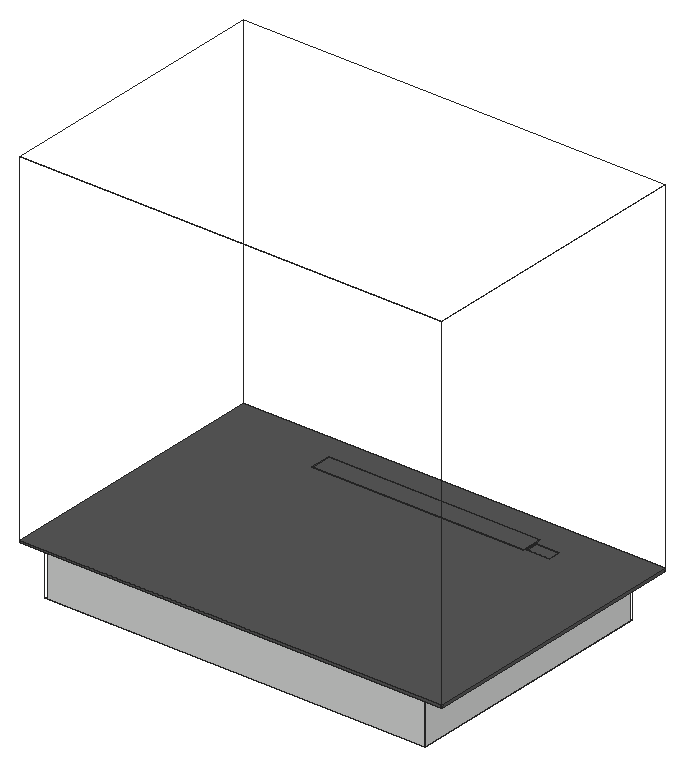
Revit family "CI804ZZDTG5-CI804ZZDTB5-CN", category Specialty Equipment, Revit 2020
Family settings
  Round Connector Dimension = Use Diameter
  Part Type = Normal
  Work Plane-Based = Yes
  Always vertical = No
  Cut with Voids When Loaded = Yes
  Shared = No
  Room Calculation Point = No
Parameters (values of type "CI804ZDTB5")
  URL = "www.fisherpaykel.com"
  Product - Width = 798.47 mm
  Product - Height = 90 mm
  Product - Depth = 528.473 mm
  Model = "CI804ZDTB5"
  Material - Cooktop = Fisher & Paykel - Glass, Black
  Manufacturer = "Fisher & Paykel Appliances"
  Description = "80cm Series 7 Induction cooktop"
  Default Elevation = 0 mm
  Clearance - Overhead Rangehood = 650 mm
  Clearance - Below Cooktop = 86 mm
  Cavity - Width = 720 mm
  Cavity - Height = 2260.449 mm
  Cavity - Depth = 490 mm
Types (3, lengths in mm): name | Model | Material - Cooktop
  (no name) | "CI804ZDTB5" | Fisher & Paykel - Glass, Black
  CI804ZDTB5 | "CI804ZDTB5" | Fisher & Paykel - Glass, Black
  CI804ZDTG5 | "CI804ZDTG5" | Fisher & Paykel - Glass, Grey
Reference planes
  plane 1 "Center (Front/Back)": y = 0
  plane 2: z = 0
  plane 3 "Center (Left/Right)": x = 0
  plane 4 "Product - LHS": x = -399.235
  plane 5 "Product - RHS": x = 399.235
  plane 6 "Cavity - RHS": x = 360
  plane 7 "Cavity - LHS": x = -360
  plane 8 "Product - Depth": y = 528.473
  plane 9 "Cavity - Depth": y = 500
  plane 10 "Product - Height": z = 4
  plane 11 "Cavity - Height": z = -86
  plane 12: y = 10
  plane 13: z = 654
Forms (mm)
  Extrusion 1, solid, not visible
    sketch origin (-149.236, 268.236, 0) x (0, 1, 0) y (1, 0, 0)
      loop
        line (-528.472, 298.472) -> (-528.472, 0) -> (0, 0) -> (0, 298.472) -> (-528.472, 298.472)
    from 0 to -4
  Extrusion 2, solid, not visible
    sketch origin (-149.236, 268.236, 4) x (0, 1, 0) y (-1, 0, 0)
      loop
        line (-86.236, -44.236) -> (-86.236, -229.236) -> (-46.236, -229.236) -> (-46.236, -44.236) -> (-86.236, -44.236)
      loop
        line (-60.236, -234.236) -> (-82.236, -234.236) -> (-82.236, -276.236) -> (-60.236, -276.236) -> (-60.236, -234.236)
    from 0 to -2.95
  Extrusion 3, solid, material "Fisher & Paykel - Glass, Black" <- "Material - Cooktop"
    sketch origin (0, 0, 0) x (1, 0, 0) y (0, 1, 0)
      loop
        line (-399.235, 526.981) -> (-399.235, 1.491)
        arc (-399.235, 1.491) -> (-398.803, 0.427) -> (-397.738, 0) r 1.468
        line (-397.738, 0) -> (397.739, 0)
        arc (397.739, 0) -> (398.804, 0.428) -> (399.235, 1.491) r 1.468
        line (399.235, 1.491) -> (399.235, 526.981)
        arc (399.235, 526.981) -> (398.803, 528.045) -> (397.738, 528.473) r 1.468
        line (397.738, 528.473) -> (-397.74, 528.473)
        arc (-397.74, 528.473) -> (-398.804, 528.044) -> (-399.235, 526.981) r 1.468
      loop
        line (-200, 481.472) -> (-200, 441.472) -> (200, 441.472) -> (200, 481.472) -> (-200, 481.472)
      loop
        line (204, 467.472) -> (204, 445.472) -> (246, 445.472) -> (246, 467.472) -> (204, 467.472)
    from 0 to 4
  Extrusion 4, solid, material "Fisher & Paykel - Clearance Required"
    sketch origin (0, 0, 0) x (1, 0, 0) y (0, 1, 0)
      loop
        line (-360, 500) -> (-360, 10) -> (360, 10) -> (360, 500) -> (-360, 500)
    from 0 to -86
  Extrusion 5, void
    sketch origin (0, 0, 0) x (1, 0, 0) y (0, 1, 0)
      loop
        line (-360, 500) -> (-360, 10) -> (360, 10) -> (360, 500) -> (-360, 500)
    from 0 to -86
  Extrusion 6, solid, material "Fisher & Paykel - Glass, Black" <- "Material - Cooktop"
    sketch origin (-149.236, 528.472, 4) x (0, 1, 0) y (-1, 0, 0)
      loop
        line (-87, 50.764) -> (-87, -349.236) -> (-47, -349.236) -> (-47, 50.764) -> (-87, 50.764)
      loop
        line (-61, -353.236) -> (-83, -353.236) -> (-83, -395.236) -> (-61, -395.236) -> (-61, -353.236)
    from -4 to 0
  Extrusion 7, solid, material "Fisher & Paykel - Steel Galvanized"
    sketch origin (0, 0, 0) x (1, 0, 0) y (0, 1, 0)
      loop
        line (-357.5, 497.5) -> (-357.5, 12.5) -> (357.5, 12.5) -> (357.5, 497.5) -> (-357.5, 497.5)
    from -86 to 0
  Extrusion 8, solid, material "Fisher & Paykel - Clearance Required"
    sketch origin (0, 0, 0) x (1, 0, 0) y (0, 1, 0)
      loop
        line (-399.235, 528.473) -> (-399.235, 0) -> (399.235, 0) -> (399.235, 528.473) -> (-399.235, 528.473)
    from 0 to 654
Dimensions and locks
  "Product - Width": plane 4 "Product - LHS" to plane 5 "Product - RHS"
  equal spacing: plane 4 "Product - LHS", plane 3 "Center (Left/Right)", plane 5 "Product - RHS"
  "Cavity - Width": plane 7 "Cavity - LHS" to plane 6 "Cavity - RHS"
  "Product - Depth": plane 8 "Product - Depth" to plane 1 "Center (Front/Back)"
  equal spacing: plane 7 "Cavity - LHS", plane 3 "Center (Left/Right)", plane 6 "Cavity - RHS"
  "Cavity - Depth": plane 9 "Cavity - Depth" to plane 12
  "Clearance - Below Cooktop": plane 2 to plane 11 "Cavity - Height"
  "Product - Height": plane 10 "Product - Height" to plane 11 "Cavity - Height"
  "Clearance - Overhead Rangehood": plane 13 to plane 10 "Product - Height"
  aligned and locked: level to plane 2
  aligned and locked: Extrusion 4 sketch curve to plane 7 "Cavity - LHS"
  aligned and locked: Extrusion 4 sketch curve to plane 9 "Cavity - Depth"
  aligned and locked: Extrusion 4 sketch curve to plane 6 "Cavity - RHS"
  aligned and locked: Extrusion 4 sketch curve to plane 12
  aligned and locked: Extrusion 5 to plane 11 "Cavity - Height"
  aligned and locked: Extrusion 4 to plane 11 "Cavity - Height"
  aligned and locked: Extrusion 3 to Extrusion 6  (x2)
  aligned and locked: Extrusion 7 to plane 11 "Cavity - Height"
  aligned and locked: level to Extrusion 7
  aligned and locked: Extrusion 8 sketch curve to plane 4 "Product - LHS"
  aligned and locked: Extrusion 8 sketch curve to plane 8 "Product - Depth"
  aligned and locked: Extrusion 8 sketch curve to plane 5 "Product - RHS"
  aligned and locked: Extrusion 8 sketch curve to plane 1 "Center (Front/Back)"
  aligned and locked: plane 13 to Extrusion 8
Automatic sketch dimensions
  Extrusion 2 sketch curve to Extrusion 1 = 86.236 mm
  Extrusion 2 sketch curve to Extrusion 2 sketch curve = 40 mm
  Extrusion 2 sketch curve to Extrusion 1 = 69.236 mm
  Extrusion 2 sketch curve to Extrusion 1 = 44.236 mm
  Extrusion 2 sketch curve to Extrusion 2 sketch curve = 4 mm
  Extrusion 2 sketch curve to Extrusion 2 sketch curve = 14 mm
  Extrusion 2 sketch curve to Extrusion 2 sketch curve = 5 mm
  Extrusion 2 sketch curve to Extrusion 1 = 22.236 mm
  Extrusion 1 sketch curve to Extrusion 1 sketch curve = 0 mm  (x3)
  Extrusion 1 sketch curve to Extrusion 1 sketch curve = 528.472 mm
  Extrusion 1 sketch curve to Extrusion 1 sketch curve = 298.472 mm  (x2)
  Extrusion 3 sketch curve to plane 4 "Product - LHS" = 0 mm
  plane 4 "Product - LHS" to Extrusion 3 sketch curve = 0 mm
  plane 4 "Product - LHS" to Extrusion 3 sketch curve = 1.468 mm  (x2)
  Extrusion 3 sketch curve to plane 8 "Product - Depth" = 0 mm
  Extrusion 3 sketch curve to Extrusion 3 sketch curve = 0.028 mm
  plane 1 "Center (Front/Back)" to Extrusion 3 sketch curve = 0 mm  (x2)
  Extrusion 3 sketch curve to Extrusion 3 sketch curve = 0.029 mm
  Extrusion 3 sketch curve to plane 9 "Cavity - Depth" = 18.528 mm
  plane 7 "Cavity - LHS" to Extrusion 3 sketch curve = 160 mm
  Extrusion 3 sketch curve to plane 6 "Cavity - RHS" = 160 mm
  Extrusion 3 sketch curve to Extrusion 3 sketch curve = 4 mm  (x2)
  Extrusion 3 sketch curve to Extrusion 3 sketch curve = 42 mm
  plane 8 "Product - Depth" to Extrusion 3 sketch curve = 0 mm
  Extrusion 3 sketch curve to plane 5 "Product - RHS" = 1.497 mm
  Extrusion 3 sketch curve to plane 5 "Product - RHS" = 1.495 mm
  Extrusion 3 sketch curve to plane 5 "Product - RHS" = 1.468 mm  (x2)
  Extrusion 3 sketch curve to plane 5 "Product - RHS" = 0 mm
  plane 5 "Product - RHS" to Extrusion 3 sketch curve = 0 mm
  Extrusion 3 sketch curve to plane 1 "Center (Front/Back)" = 1.467 mm  (x2)
  Extrusion 3 sketch curve to Extrusion 3 sketch curve = 40 mm
  Extrusion 3 sketch curve to Extrusion 3 sketch curve = 22 mm
  Extrusion 3 sketch curve to plane 8 "Product - Depth" = 1.491 mm  (x2)
  Extrusion 5 sketch curve to plane 12 = 0 mm
  Extrusion 5 sketch curve to plane 9 "Cavity - Depth" = 0 mm
  plane 4 "Product - LHS" to Extrusion 5 sketch curve = 39.235 mm
  plane 3 "Center (Left/Right)" to Extrusion 5 sketch curve = 360 mm
  Extrusion 6 sketch curve to plane 9 "Cavity - Depth" = 58.528 mm
  Extrusion 6 sketch curve to plane 9 "Cavity - Depth" = 18.528 mm
  Extrusion 6 sketch curve to plane 6 "Cavity - RHS" = 160 mm
  plane 7 "Cavity - LHS" to Extrusion 6 sketch curve = 160 mm
  Extrusion 6 sketch curve to Extrusion 6 sketch curve = 4 mm  (x2)
  Extrusion 6 sketch curve to Extrusion 6 sketch curve = 14 mm
  Extrusion 6 sketch curve to Extrusion 6 sketch curve = 42 mm
  Extrusion 7 sketch curve to plane 9 "Cavity - Depth" = 2.5 mm
  plane 7 "Cavity - LHS" to Extrusion 7 sketch curve = 2.5 mm
  plane 12 to Extrusion 7 sketch curve = 2.5 mm
  Extrusion 7 sketch curve to plane 6 "Cavity - RHS" = 2.5 mm
